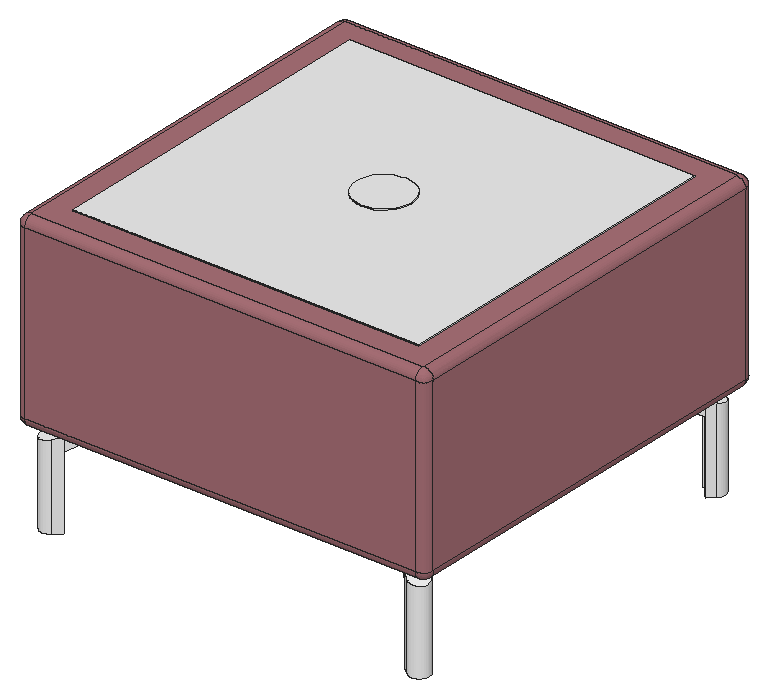
Revit family "Woodstock-Jefferson-JEFF-TA", category Furniture, Revit 2014
Parameters (values of type "JEFF-OT")
  Width = 26"
  URL = "www.woodstockmarketing.com"
  Type Comments = "JEFFERSON LOUNGE"  # constant formula
  Seat = WTK - Fabric - Burgundy
  Salvage or Reuse = yes
  Pop Up Power = WTK - White
  Percentage of Recycled Content = 0
  Model = "JEFF-OT"
  Top = WTK - White
  Manufacturer = "WOODSTOCK MARKETING"  # constant formula
  Low Emitting Material = yes
  Low Emitting Finish = yes
  Legs = WTK - Steel, Chrome Plated
  Keynote = "12500"
  Height = 18"
  Depth = 26"
  Description = "Upholstered Ottoman"
  Assembly Code = "E2020200"
Reference planes (in)
  plane 1 "Center Front/Back": y = 0
  plane 2: z = 0
  plane 3 "Center Left/Right": x = 0
  plane 4: x = 26
  plane 5: x = 13
  plane 6: y = -13
  plane 7: y = -26
  plane 8: z = 18
  plane 9: z = 5.9760497
  plane 10: through (1.3198055, -1.2573065, 48) normal (0.7071, 0.7071, 0)
  plane 11: through (0.0978522, -2.2209631, 48) normal (-0.7071, 0.7071, 0)
  plane 12: through (24.5239445, -1.2573065, 48) normal (0.7071, -0.7071, 0)
  plane 13: through (25.7458978, -2.2209631, 48) normal (-0.7071, -0.7071, 0)
  plane 14: through (1.3198055, -24.7426935, 48) normal (-0.7071, 0.7071, 0)
  plane 15: through (0.0978522, -23.7790369, 48) normal (0.7071, 0.7071, 0)
  plane 16: through (24.5239445, -24.7426935, 48) normal (-0.7071, -0.7071, 0)
  plane 17: through (25.7458978, -23.7790369, 48) normal (0.7071, -0.7071, 0)
  plane 18: z = 17.9271132
  plane 19: z = 17.9779487
Forms (in)
  Sweep 1, solid, material "WTK - Fabric - Burgundy" <- "Seat"
    path origin (0, 0, 0) x (1, 0, 0) y (0, 1, 0)
      loop
        line (25.390625, 0) -> (0.6107071, 0)
        arc (0.6107071, 0) -> (0.178872, -0.178872) -> (0, -0.6107071) r 0.6107071
        line (0, -0.6107071) -> (0, -25.390625)
        arc (0, -25.390625) -> (0.1784818, -25.8215182) -> (0.609375, -26) r 0.609375
        line (0.609375, -26) -> (25.390625, -26)
        arc (25.390625, -26) -> (25.8215182, -25.8215182) -> (26, -25.390625) r 0.609375
        line (26, -25.390625) -> (26, -0.609375)
        arc (26, -0.609375) -> (25.8215182, -0.1784818) -> (25.390625, 0) r 0.609375
    profile origin (13.000666, 0, 0) x (0, -1, 0) y (0, 0, 1)
      loop
        arc (0.5625, 17.9281497) -> (0.1647524, 17.7633973) -> (0, 17.3656497) r 0.5625
        line (0, 17.3656497) -> (0, 6.5399055)
        arc (0, 6.5399055) -> (0.1651496, 6.1411992) -> (0.5638559, 5.9760497) r 0.5638559
        line (0.5638559, 5.9760497) -> (0.6093232, 5.9760497) -> (0.6093232, 17.9281497) -> (0.5625, 17.9281497)
  Extrusion 2, solid, material "WTK - Fabric - Burgundy" <- "Seat"
    sketch origin (25.390625, -25.390625, 17.9281497) x (0, -1, 0) y (1, 0, 0)
      loop
        line (-24.7813018, -24.7813018) -> (0.0000518, -24.7813018) -> (0.0000518, 0.0000518) -> (-24.7813018, 0.0000518) -> (-24.7813018, -24.7813018)
    from 0 to -11.9521
  Extrusion 3, solid, material "WTK - White" <- "Top"
    sketch origin (0, 0, 0) x (1, 0, 0) y (0, 1, 0)
      loop
        line (1.9920166, -1.9920156) -> (1.9920166, -23.9041982) -> (23.9041986, -23.9041982) -> (23.9041986, -1.9920156) -> (1.9920166, -1.9920156)
    from 17.9271132 to 17.9779487
  Extrusion 4, solid, material "WTK - White" <- "Pop Up Power"
    sketch origin (0, 0, 0) x (1, 0, 0) y (0, 1, 0)
      loop
        circle (12.9375, -12.953125) r 1.75
    from 18.0277505 to 17.9779487
Cuts and joins
  joined: Sweep 1, Extrusion 2
Lines and regions (in)
  symbolic lines, style "Chair"
    curve 1: line (23.9041986, -1.9920156, 0) -> (1.9920166, -1.9920156, 0)
    curve 2: line (1.9920166, -1.9920156, 0) -> (1.9920166, -23.9041982, 0)
    curve 3: line (1.9920166, -23.9041982, 0) -> (23.9041986, -23.9041982, 0)
    curve 4: line (23.9041986, -23.9041982, 0) -> (23.9041986, -1.9920156, 0)
    curve 5: arc (14.6875, -12.953125, 0) -> (12.9375, -11.203125, 0) -> (11.1875, -12.953125, 0) r 1.75
    curve 6: arc (11.1875, -12.953125, 0) -> (12.9375, -14.703125, 0) -> (14.6875, -12.953125, 0) r 1.75
    curve 7: line (0.5816636, 0, 0) -> (25.4069504, 0, 0)
    curve 8: line (26, -0.5930496, 0) -> (26, -25.3932371, 0)
    curve 9: line (25.3932371, -26, 0) -> (0.6114958, -26, 0)
    curve 10: line (0, -25.3885042, 0) -> (0, -0.5816636, 0)
    curve 11: arc (0, -0.5816636, 0) -> (0.1703653, -0.1703653, 0) -> (0.5816636, 0, 0) r 0.5816636
    curve 12: arc (25.4069504, 0, 0) -> (25.8262998, -0.1737002, 0) -> (26, -0.5930496, 0) r 0.5930496
    curve 13: arc (26, -25.3932371, 0) -> (25.8222833, -25.8222833, 0) -> (25.3932371, -26, 0) r 0.6067629
    curve 14: arc (0.6114958, -26, 0) -> (0.179103, -25.820897, 0) -> (0, -25.3885042, 0) r 0.6114958
Dimensions and locks (in)
  equal spacing: plane 3 "Center Left/Right", plane 5, plane 4
  "Width": plane 3 "Center Left/Right" to plane 4
  equal spacing: plane 7, plane 6, plane 1 "Center Front/Back"
  "Depth": plane 7 to plane 1 "Center Front/Back"
  "Height": plane 8 to plane 2
  locked: Extrusion 3 sketch curve to plane 1 "Center Front/Back" at 1.9920156
  locked: plane 3 "Center Left/Right" to Extrusion 3 sketch curve at 1.9920166
  locked: Extrusion 3 sketch curve to plane 4 at 2.0958014
  locked: Extrusion 3 sketch curve to plane 7 at 2.0958018
  locked: Extrusion 4 to Extrusion 3 at 0.0498018  (x2)
  plane 8 to plane 19 to plane 18 = 0.02205" locked, 0.05084" locked
  locked: Extrusion 4 sketch curve to plane 4 at 13.0625
  locked: Extrusion 4 sketch curve to plane 7 at 13.046875
  aligned and locked: plane 2 to level
  aligned and locked: Sweep 1 sketch curve to plane 1 "Center Front/Back"
  aligned and locked: Sweep 1 sketch curve to plane 3 "Center Left/Right"
  aligned and locked: Sweep 1 sketch curve to plane 4
  aligned and locked: Sweep 1 sketch curve to plane 7
  aligned and locked: Extrusion 2 sketch curve to Sweep 1  (x4)
  aligned and locked: Extrusion 2 to Sweep 1  (x2)
  aligned and locked: nested 1 to plane 10
  aligned and locked: plane 11 to nested 1
  aligned and locked: nested 2 to plane 12
  aligned and locked: plane 13 to nested 2
  aligned and locked: nested 3 to plane 14
  aligned and locked: nested 3 to plane 15
  aligned and locked: nested 4 to plane 16
  aligned and locked: nested 4 to plane 17
  aligned and locked: Extrusion 4 to Extrusion 3
  aligned and locked: Extrusion 3 to plane 18
  aligned and locked: plane 19 to Extrusion 3
  aligned and locked: Extrusion 4 to plane 19
  aligned and locked: curve 1 to Extrusion 3
  aligned and locked: curve 2 to Extrusion 3
  aligned and locked: curve 3 to Extrusion 3
  aligned and locked: curve 4 to Extrusion 3
  aligned and locked: curve 5 to Extrusion 4
  aligned and locked: curve 6 to Extrusion 4
Automatic sketch dimensions
  Sweep 1 sketch curve to profile plane = 0"
  plane 9 to Sweep 1 sketch curve = 0"
  Sweep 1 sketch curve to profile plane = 9/16"
  Sweep 1 sketch curve to profile plane = 0.56386"
  Sweep 1 sketch curve to Sweep 1 sketch curve = 0.04547"
  Sweep 1 sketch curve to Sweep 1 sketch curve = 10.82574"
  plane 3 "Center Left/Right" to Sweep 1 sketch curve = 0.61071"
  plane 3 "Center Left/Right" to Sweep 1 sketch curve = 39/64"
  Sweep 1 sketch curve to plane 4 = 39/64"
  plane 1 "Center Front/Back" to Sweep 1 sketch curve = 39/64"
  curve 14 to plane 3 "Center Left/Right" = 0"
  plane 1 "Center Front/Back" to curve 11 = 0"
  curve 9 to plane 7 = 0"
  curve 8 to plane 4 = 0"
  plane 1 "Center Front/Back" to curve 11 = 0.58166"
  plane 3 "Center Left/Right" to curve 9 = 0.6115"
  plane 3 "Center Left/Right" to curve 2 = 1.99202"
  curve 4 to plane 4 = 2.0958"
  curve 9 to plane 4 = 0.60676"
  plane 1 "Center Front/Back" to curve 12 = 0.59305"
  curve 14 to curve 2 = 1.48431"
  plane 1 "Center Front/Back" to curve 1 = 1.99202"
  radius of Extrusion 4 sketch curve = 1 3/4"
Nested families (in)
  nested 1: "Leg" at (1.1906571, -1.1281582, 0) x (0.7071, -0.7071, 0) z (0, 0, 1), Leg <- "Legs", type "LG"
    with Leg WTK - Steel, Chrome Plated
  nested 2: "Leg" at (24.6530929, -1.1281582, 0) x (-0.7071, -0.7071, 0) z (0, 0, 1), Leg <- "Legs", type "LG"
    with Leg WTK - Steel, Chrome Plated
  nested 3: "Leg" at (1.1906571, -24.8718418, 0) x (0.7071, 0.7071, 0) z (0, 0, 1), Leg <- "Legs", type "LG"
    with Leg WTK - Steel, Chrome Plated
  nested 4: "Leg" at (24.6530929, -24.8718418, 0) x (-0.7071, 0.7071, 0) z (0, 0, 1), Leg <- "Legs", type "LG"
    with Leg WTK - Steel, Chrome Plated
Definition of nested family "Leg"
  Parameters (values of type "LG")
    Leg [instance] = none
  Reference planes (in)
    plane 1 "Center (Front/Back)": y = 0
    plane 2: z = 0
    plane 3 "Center (Left/Right)": x = 0
  Forms (in)
    Extrusion 1, solid, material <- "Leg"
      sketch origin (0, 0, 0) x (1, 0, 0) y (0, 1, 0)
        loop
          line (0.6856281, 0.5818036) -> (0.1064432, 0.5559941)
          arc (0.1064432, 0.5559941) -> (-0.4925756, -0.0703125) -> (0.1064432, -0.6966191) r 0.6269281
          line (0.1064432, -0.6966191) -> (0.6856281, -0.7224286) -> (0.6856281, -0.5383847) -> (0.0920364, -0.5119323) -> (0.0920364, 0.3774039) -> (0.6856281, 0.4038554) -> (0.6856281, 0.5818036)
      from 0 to 5.4945129
    Extrusion 2, solid, material <- "Leg"
      sketch origin (0, 0, 0) x (1, 0, 0) y (0, 0, 1)
        loop
          line (2.5346778, 5.9485005) -> (0.0589161, 5.3304625) -> (0.0589161, 4.2693235) -> (2.6467156, 5.5838224) -> (4.2096624, 5.5838224) -> (4.2096624, 5.9760497) -> (2.7587799, 5.9760497)
          arc (2.7587799, 5.9760497) -> (2.6458854, 5.9691365) -> (2.5346778, 5.9485005) r 0.9252665
      from -0.7108773 to 0.8576442
    Extrusion 3, void
      sketch origin (0, 0, 0) x (1, 0, 0) y (0, 0, 1)
        loop
          line (0.8145151, 5.5190758) -> (-0.7850355, 5.5190758) -> (-0.7850355, 5.1197934) -> (0.8145151, 5.5190758)
      from -0.7108773 to 0.857649
    Extrusion 4, void
      sketch origin (0, 0, 0) x (1, 0, 0) y (0, 1, 0)
        loop
          line (2.6467156, 0.6509993) -> (4.212317, 0.7207612) -> (4.212317, 0.8266333) -> (-0.1574927, 0.8266333) -> (-0.1574927, 0.5260461) -> (2.6467156, 0.6509993)
      from 4.2107781 to 5.9760497
    Extrusion 5, void
      sketch origin (0, 0, 0) x (1, 0, 0) y (0, 1, 0)
        loop
          line (0, -0.6775599) -> (0, -1.0247562) -> (4.2055394, -1.0247562) -> (4.2055394, -0.8654567) -> (2.6450355, -0.7957359) -> (0, -0.6775599)
      from 4.2107781 to 5.9760497
  Cuts and joins
    Extrusion 3 cuts Extrusion 1
    Extrusion 3, Extrusion 4, Extrusion 5 cuts Extrusion 2
    joined: Extrusion 1, Extrusion 2
  Lines and regions (in)
    symbolic lines, style "FurnitureHiddenLines", detail levels fine
      curve 1: line (0.1179831, 0.5565083, 0) -> (4.2096624, 0.7388408, 0)
      curve 2: line (4.2096624, 0.7388408, 0) -> (4.2096624, -0.8576442, 0)
      curve 3: line (4.2096624, -0.8576442, 0) -> (0.1213123, -0.6972114, 0)
      curve 4: arc (0.1213123, -0.6972114, 0) -> (-0.481496, -0.0719479, 0) -> (0.1179831, 0.5565083, 0) r 0.6274122
      curve 5: line (2.6467156, 0.6691931, 0) -> (2.6467156, -0.7963119, 0)
      curve 6: line (0.0920364, 0.3774039, 0) -> (0.0920364, -0.5119323, 0)
      curve 7: line (0.0920364, -0.5119323, 0) -> (0.6856281, -0.5383847, 0)
      curve 8: line (0.6856281, -0.5383847, 0) -> (0.6856281, -0.719356, 0)
      curve 9: line (0.0920364, 0.3774039, 0) -> (0.6856281, 0.4038554, 0)
      curve 10: line (0.6856281, 0.4038554, 0) -> (0.6856281, 0.5818036, 0)
  Dimensions and locks (in)
    aligned and locked: plane 2 to level
